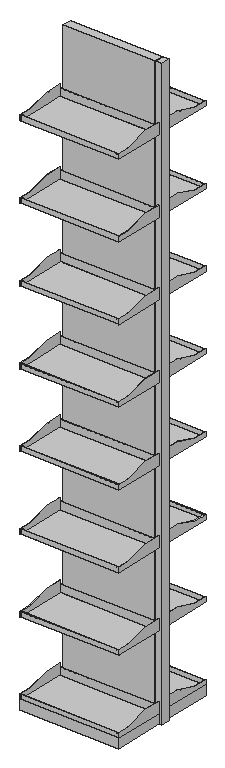
Revit family "RX2", category Specialty Equipment, Revit 2012
Parameters (values of type "Pharmacy Add-On (Default)")
  URL = "http://www.madixinc.com/store/pharmacy/components/index.html"
  Model = "Pharmacy"
  Manufacturer = "© 2012 Madix, Inc. All rights reserved."
  "Front" Base Shelf [instance] = yes
  "Front" 2' Shelf [instance] = yes
  "Front" 3' Shelf [instance] = yes
  "Front" 4' Shelf [instance] = yes
  Shelf Width = 1' - 4"
  "Front" 5' Shelf [instance] = yes
  "Front" 6' Shelf [instance] = yes
  "Front" 7' Shelf [instance] = yes
  "Front" 8' Shelf [instance] = yes
  "Back" Base Shelf [instance] = yes
  "Back" 2' Shelf [instance] = yes
  "Back" 3' Shelf [instance] = yes
  "Back" 4' Shelf [instance] = yes
  "Back" 5' Shelf [instance] = yes
  "Front" Shelf Depth = 0' - 8"
  "Back" 6' Shelf [instance] = yes
  "Back" Shelf Depth = 0' - 8"
  Height = 8' - 0"
  "Back" 7' Shelf [instance] = yes
  "Back" 8' Shelf [instance] = yes
Reference planes (in)
  plane 1 "Center (Front/Back)": y = 0
  plane 2: z = 0
  plane 3 "Center (Left/Right)": x = 0
  plane 4: z = 0
  plane 5: y = 0.75
  plane 6: y = -0.75
  plane 7: y = -8.75
  plane 8: y = 8.75
  plane 9: x = -8
  plane 10: x = 8
  plane 11: x = 7.9375
  plane 12: x = -7.9375
  plane 13: z = 1.5
  plane 14: y = -8.6875
  plane 15: y = -0.8125
  plane 16: y = 0.8125
  plane 17: y = 8.6875
  plane 18: x = -7.46875
  plane 19: x = 8.5
  plane 20: x = -8.5
  plane 21: x = 7.46875
  plane 22: y = -10.25
  plane 23: z = 96
Forms (in)
  Extrusion 1, solid, material "Metal - Steel", visible <- ""Front" Base Shelf"
    sketch origin (18, 0, 0) x (0, 0, 1) y (0, -1, 0)
      loop
        line (0, 8.75) -> (0, 0.75) -> (1.5, 0.75) -> (1.5, 8.75) -> (0, 8.75)
    from -10 to -26
  Extrusion 2, solid, material "Metal - Steel", visible <- ""Back" Base Shelf"
    sketch origin (18, 0, 0) x (0, 0, 1) y (0, -1, 0)
      loop
        line (0, -8.75) -> (1.5, -8.75) -> (1.5, -0.75) -> (0, -0.75) -> (0, -8.75)
    from -10 to -26
  Extrusion 3, solid, material "Metal - Steel", visible <- ""Front" Base Shelf"
    sketch origin (0, 0, 0) x (0, 1, 0) y (0, 0, 1)
      loop
        line (-0.75, 1.5) -> (-0.75, 3.25) -> (-3.25, 3.25) -> (-6.75, 2.25) -> (-8.75, 2.25) -> (-8.75, 1.5) -> (-0.75, 1.5)
    from -8 to -7.9375
  Extrusion 4, solid, material "Metal - Steel", visible <- ""Front" Base Shelf"
    sketch origin (0, 0, 0) x (0, 1, 0) y (0, 0, -1)
      loop
        line (-0.75, -1.5) -> (-8.75, -1.5) -> (-8.75, -2.25) -> (-6.75, -2.25) -> (-3.25, -3.25) -> (-0.75, -3.25) -> (-0.75, -1.5)
    from -8 to -7.9375
  Extrusion 5, solid, material "Metal - Steel", visible <- ""Front" Base Shelf"
    sketch origin (-8.5, -1.375, 84) x (0, 0, -1) y (0, -1, 0)
      loop
        line (81.75, 7.375) -> (81.75, 7.3125) -> (82.4375, 7.3125) -> (82.4375, -0.5625) -> (81.21326, -0.5625) -> (81.21326, -0.625) -> (82.5, -0.625) -> (82.5, 7.375) -> (81.75, 7.375)
    from -16.4375 to -0.5625
  Extrusion 6, solid, material "Metal - Steel", visible <- ""Front" 2' Shelf"
    sketch origin (0, 0, 12) x (0, 1, 0) y (0, 0, 1)
      loop
        line (-0.75, 1.5) -> (-0.75, 3.25) -> (-3.25, 3.25) -> (-6.75, 2.25) -> (-8.75, 2.25) -> (-8.75, 1.5) -> (-0.75, 1.5)
    from -8 to -7.9375
  Extrusion 7, solid, material "Metal - Steel", visible <- ""Front" 2' Shelf"
    sketch origin (0, 0, 12) x (0, 1, 0) y (0, 0, -1)
      loop
        line (-0.75, -1.5) -> (-8.75, -1.5) -> (-8.75, -2.25) -> (-6.75, -2.25) -> (-3.25, -3.25) -> (-0.75, -3.25) -> (-0.75, -1.5)
    from -8 to -7.9375
  Extrusion 8, solid, material "Metal - Steel", visible <- ""Front" 2' Shelf"
    sketch origin (-8.5, -1.375, 96) x (0, 0, -1) y (0, -1, 0)
      loop
        line (81.75, 7.375) -> (81.75, 7.3125) -> (82.4375, 7.3125) -> (82.4375, -0.5625) -> (81.21326, -0.5625) -> (81.21326, -0.625) -> (82.5, -0.625) -> (82.5, 7.375) -> (81.75, 7.375)
    from -16.4375 to -0.5625
  Extrusion 9, solid, material "Metal - Steel", visible <- ""Front" 3' Shelf"
    sketch origin (0, 0, 24) x (0, 1, 0) y (0, 0, 1)
      loop
        line (-0.75, 1.5) -> (-0.75, 3.25) -> (-3.25, 3.25) -> (-6.75, 2.25) -> (-8.75, 2.25) -> (-8.75, 1.5) -> (-0.75, 1.5)
    from -8 to -7.9375
  Extrusion 10, solid, material "Metal - Steel", visible <- ""Front" 3' Shelf"
    sketch origin (0, 0, 24) x (0, 1, 0) y (0, 0, -1)
      loop
        line (-0.75, -1.5) -> (-8.75, -1.5) -> (-8.75, -2.25) -> (-6.75, -2.25) -> (-3.25, -3.25) -> (-0.75, -3.25) -> (-0.75, -1.5)
    from -8 to -7.9375
  Extrusion 11, solid, material "Metal - Steel", visible <- ""Front" 3' Shelf"
    sketch origin (-8.5, -1.375, 108) x (0, 0, -1) y (0, -1, 0)
      loop
        line (81.75, 7.375) -> (81.75, 7.3125) -> (82.4375, 7.3125) -> (82.4375, -0.5625) -> (81.21326, -0.5625) -> (81.21326, -0.625) -> (82.5, -0.625) -> (82.5, 7.375) -> (81.75, 7.375)
    from -16.4375 to -0.5625
  Extrusion 12, solid, material "Metal - Steel", visible <- ""Front" 4' Shelf"
    sketch origin (0, 0, 36) x (0, 1, 0) y (0, 0, 1)
      loop
        line (-0.75, 1.5) -> (-0.75, 3.25) -> (-3.25, 3.25) -> (-6.75, 2.25) -> (-8.75, 2.25) -> (-8.75, 1.5) -> (-0.75, 1.5)
    from -8 to -7.9375
  Extrusion 13, solid, material "Metal - Steel", visible <- ""Front" 4' Shelf"
    sketch origin (0, 0, 36) x (0, 1, 0) y (0, 0, -1)
      loop
        line (-0.75, -1.5) -> (-8.75, -1.5) -> (-8.75, -2.25) -> (-6.75, -2.25) -> (-3.25, -3.25) -> (-0.75, -3.25) -> (-0.75, -1.5)
    from -8 to -7.9375
  Extrusion 14, solid, material "Metal - Steel", visible <- ""Front" 4' Shelf"
    sketch origin (-8.5, -1.375, 120) x (0, 0, -1) y (0, -1, 0)
      loop
        line (81.75, 7.375) -> (81.75, 7.3125) -> (82.4375, 7.3125) -> (82.4375, -0.5625) -> (81.21326, -0.5625) -> (81.21326, -0.625) -> (82.5, -0.625) -> (82.5, 7.375) -> (81.75, 7.375)
    from -16.4375 to -0.5625
  Extrusion 15, solid, material "Metal - Steel", visible <- ""Front" 5' Shelf"
    sketch origin (0, 0, 48) x (0, 1, 0) y (0, 0, 1)
      loop
        line (-0.75, 1.5) -> (-0.75, 3.25) -> (-3.25, 3.25) -> (-6.75, 2.25) -> (-8.75, 2.25) -> (-8.75, 1.5) -> (-0.75, 1.5)
    from -8 to -7.9375
  Extrusion 16, solid, material "Metal - Steel", visible <- ""Front" 5' Shelf"
    sketch origin (0, 0, 48) x (0, 1, 0) y (0, 0, -1)
      loop
        line (-0.75, -1.5) -> (-8.75, -1.5) -> (-8.75, -2.25) -> (-6.75, -2.25) -> (-3.25, -3.25) -> (-0.75, -3.25) -> (-0.75, -1.5)
    from -8 to -7.9375
  Extrusion 17, solid, material "Metal - Steel", visible <- ""Front" 5' Shelf"
    sketch origin (-8.5, -1.375, 132) x (0, 0, -1) y (0, -1, 0)
      loop
        line (81.75, 7.375) -> (81.75, 7.3125) -> (82.4375, 7.3125) -> (82.4375, -0.5625) -> (81.21326, -0.5625) -> (81.21326, -0.625) -> (82.5, -0.625) -> (82.5, 7.375) -> (81.75, 7.375)
    from -16.4375 to -0.5625
  Extrusion 18, solid, material "Metal - Steel", visible <- ""Front" 6' Shelf"
    sketch origin (0, 0, 60) x (0, 1, 0) y (0, 0, 1)
      loop
        line (-0.75, 1.5) -> (-0.75, 3.25) -> (-3.25, 3.25) -> (-6.75, 2.25) -> (-8.75, 2.25) -> (-8.75, 1.5) -> (-0.75, 1.5)
    from -8 to -7.9375
  Extrusion 19, solid, material "Metal - Steel", visible <- ""Front" 6' Shelf"
    sketch origin (0, 0, 60) x (0, 1, 0) y (0, 0, -1)
      loop
        line (-0.75, -1.5) -> (-8.75, -1.5) -> (-8.75, -2.25) -> (-6.75, -2.25) -> (-3.25, -3.25) -> (-0.75, -3.25) -> (-0.75, -1.5)
    from -8 to -7.9375
  Extrusion 20, solid, material "Metal - Steel", visible <- ""Front" 6' Shelf"
    sketch origin (-8.5, -1.375, 144) x (0, 0, -1) y (0, -1, 0)
      loop
        line (81.75, 7.375) -> (81.75, 7.3125) -> (82.4375, 7.3125) -> (82.4375, -0.5625) -> (81.21326, -0.5625) -> (81.21326, -0.625) -> (82.5, -0.625) -> (82.5, 7.375) -> (81.75, 7.375)
    from -16.4375 to -0.5625
  Extrusion 21, solid, material "Metal - Steel", visible <- ""Front" 7' Shelf"
    sketch origin (0, 0, 72) x (0, 1, 0) y (0, 0, 1)
      loop
        line (-0.75, 1.5) -> (-0.75, 3.25) -> (-3.25, 3.25) -> (-6.75, 2.25) -> (-8.75, 2.25) -> (-8.75, 1.5) -> (-0.75, 1.5)
    from -8 to -7.9375
  Extrusion 22, solid, material "Metal - Steel", visible <- ""Front" 7' Shelf"
    sketch origin (0, 0, 72) x (0, 1, 0) y (0, 0, -1)
      loop
        line (-0.75, -1.5) -> (-8.75, -1.5) -> (-8.75, -2.25) -> (-6.75, -2.25) -> (-3.25, -3.25) -> (-0.75, -3.25) -> (-0.75, -1.5)
    from -8 to -7.9375
  Extrusion 23, solid, material "Metal - Steel", visible <- ""Front" 7' Shelf"
    sketch origin (-8.5, -1.375, 156) x (0, 0, -1) y (0, -1, 0)
      loop
        line (81.75, 7.375) -> (81.75, 7.3125) -> (82.4375, 7.3125) -> (82.4375, -0.5625) -> (81.21326, -0.5625) -> (81.21326, -0.625) -> (82.5, -0.625) -> (82.5, 7.375) -> (81.75, 7.375)
    from -16.4375 to -0.5625
  Extrusion 24, solid, material "Metal - Steel", visible <- ""Back" Base Shelf"
    sketch origin (0, 0, 0) x (0, -1, 0) y (0, 0, -1)
      loop
        line (-0.75, -1.5) -> (-8.75, -1.5) -> (-8.75, -2.25) -> (-6.75, -2.25) -> (-3.25, -3.25) -> (-0.75, -3.25) -> (-0.75, -1.5)
    from -8 to -7.9375
  Extrusion 25, solid, material "Metal - Steel", visible <- ""Back" Base Shelf"
    sketch origin (0, 0, 0) x (0, -1, 0) y (0, 0, 1)
      loop
        line (-0.75, 1.5) -> (-0.75, 3.25) -> (-3.25, 3.25) -> (-6.75, 2.25) -> (-8.75, 2.25) -> (-8.75, 1.5) -> (-0.75, 1.5)
    from -8 to -7.9375
  Extrusion 26, solid, material "Metal - Steel", visible <- ""Back" Base Shelf"
    sketch origin (-8.5, 1.375, 84) x (0, 0, -1) y (0, -1, 0)
      loop
        line (81.75, -7.375) -> (82.5, -7.375) -> (82.5, 0.625) -> (81.21326, 0.625) -> (81.21326, 0.5625) -> (82.4375, 0.5625) -> (82.4375, -7.3125) -> (81.75, -7.3125) -> (81.75, -7.375)
    from -16.4375 to -0.5625
  Extrusion 27, solid, material "Metal - Steel", visible <- ""Back" 2' Shelf"
    sketch origin (0, 0, 12) x (0, -1, 0) y (0, 0, -1)
      loop
        line (-0.75, -1.5) -> (-8.75, -1.5) -> (-8.75, -2.25) -> (-6.75, -2.25) -> (-3.25, -3.25) -> (-0.75, -3.25) -> (-0.75, -1.5)
    from -8 to -7.9375
  Extrusion 28, solid, material "Metal - Steel", visible <- ""Back" 2' Shelf"
    sketch origin (0, 0, 12) x (0, -1, 0) y (0, 0, 1)
      loop
        line (-0.75, 1.5) -> (-0.75, 3.25) -> (-3.25, 3.25) -> (-6.75, 2.25) -> (-8.75, 2.25) -> (-8.75, 1.5) -> (-0.75, 1.5)
    from -8 to -7.9375
  Extrusion 29, solid, material "Metal - Steel", visible <- ""Back" 2' Shelf"
    sketch origin (-8.5, 1.375, 96) x (0, 0, -1) y (0, -1, 0)
      loop
        line (81.75, -7.375) -> (82.5, -7.375) -> (82.5, 0.625) -> (81.21326, 0.625) -> (81.21326, 0.5625) -> (82.4375, 0.5625) -> (82.4375, -7.3125) -> (81.75, -7.3125) -> (81.75, -7.375)
    from -16.4375 to -0.5625
  Extrusion 30, solid, material "Metal - Steel", visible <- ""Back" 3' Shelf"
    sketch origin (0, 0, 24) x (0, -1, 0) y (0, 0, -1)
      loop
        line (-0.75, -1.5) -> (-8.75, -1.5) -> (-8.75, -2.25) -> (-6.75, -2.25) -> (-3.25, -3.25) -> (-0.75, -3.25) -> (-0.75, -1.5)
    from -8 to -7.9375
  Extrusion 31, solid, material "Metal - Steel", visible <- ""Back" 3' Shelf"
    sketch origin (0, 0, 24) x (0, -1, 0) y (0, 0, 1)
      loop
        line (-0.75, 1.5) -> (-0.75, 3.25) -> (-3.25, 3.25) -> (-6.75, 2.25) -> (-8.75, 2.25) -> (-8.75, 1.5) -> (-0.75, 1.5)
    from -8 to -7.9375
  Extrusion 32, solid, material "Metal - Steel", visible <- ""Back" 3' Shelf"
    sketch origin (-8.5, 1.375, 108) x (0, 0, -1) y (0, -1, 0)
      loop
        line (81.75, -7.375) -> (82.5, -7.375) -> (82.5, 0.625) -> (81.21326, 0.625) -> (81.21326, 0.5625) -> (82.4375, 0.5625) -> (82.4375, -7.3125) -> (81.75, -7.3125) -> (81.75, -7.375)
    from -16.4375 to -0.5625
  Extrusion 33, solid, material "Metal - Steel", visible <- ""Back" 4' Shelf"
    sketch origin (0, 0, 36) x (0, -1, 0) y (0, 0, -1)
      loop
        line (-0.75, -1.5) -> (-8.75, -1.5) -> (-8.75, -2.25) -> (-6.75, -2.25) -> (-3.25, -3.25) -> (-0.75, -3.25) -> (-0.75, -1.5)
    from -8 to -7.9375
  Extrusion 34, solid, material "Metal - Steel", visible <- ""Back" 4' Shelf"
    sketch origin (0, 0, 36) x (0, -1, 0) y (0, 0, 1)
      loop
        line (-0.75, 1.5) -> (-0.75, 3.25) -> (-3.25, 3.25) -> (-6.75, 2.25) -> (-8.75, 2.25) -> (-8.75, 1.5) -> (-0.75, 1.5)
    from -8 to -7.9375
  Extrusion 35, solid, material "Metal - Steel", visible <- ""Back" 4' Shelf"
    sketch origin (-8.5, 1.375, 120) x (0, 0, -1) y (0, -1, 0)
      loop
        line (81.75, -7.375) -> (82.5, -7.375) -> (82.5, 0.625) -> (81.21326, 0.625) -> (81.21326, 0.5625) -> (82.4375, 0.5625) -> (82.4375, -7.3125) -> (81.75, -7.3125) -> (81.75, -7.375)
    from -16.4375 to -0.5625
  Extrusion 36, solid, material "Metal - Steel", visible <- ""Back" 5' Shelf"
    sketch origin (0, 0, 48) x (0, -1, 0) y (0, 0, -1)
      loop
        line (-0.75, -1.5) -> (-8.75, -1.5) -> (-8.75, -2.25) -> (-6.75, -2.25) -> (-3.25, -3.25) -> (-0.75, -3.25) -> (-0.75, -1.5)
    from -8 to -7.9375
  Extrusion 37, solid, material "Metal - Steel", visible <- ""Back" 5' Shelf"
    sketch origin (0, 0, 48) x (0, -1, 0) y (0, 0, 1)
      loop
        line (-0.75, 1.5) -> (-0.75, 3.25) -> (-3.25, 3.25) -> (-6.75, 2.25) -> (-8.75, 2.25) -> (-8.75, 1.5) -> (-0.75, 1.5)
    from -8 to -7.9375
  Extrusion 38, solid, material "Metal - Steel", visible <- ""Back" 5' Shelf"
    sketch origin (-8.5, 1.375, 132) x (0, 0, -1) y (0, -1, 0)
      loop
        line (81.75, -7.375) -> (82.5, -7.375) -> (82.5, 0.625) -> (81.21326, 0.625) -> (81.21326, 0.5625) -> (82.4375, 0.5625) -> (82.4375, -7.3125) -> (81.75, -7.3125) -> (81.75, -7.375)
    from -16.4375 to -0.5625
  Extrusion 39, solid, material "Metal - Steel", visible <- ""Back" 6' Shelf"
    sketch origin (0, 0, 60) x (0, -1, 0) y (0, 0, -1)
      loop
        line (-0.75, -1.5) -> (-8.75, -1.5) -> (-8.75, -2.25) -> (-6.75, -2.25) -> (-3.25, -3.25) -> (-0.75, -3.25) -> (-0.75, -1.5)
    from -8 to -7.9375
  Extrusion 40, solid, material "Metal - Steel", visible <- ""Back" 6' Shelf"
    sketch origin (0, 0, 60) x (0, -1, 0) y (0, 0, 1)
      loop
        line (-0.75, 1.5) -> (-0.75, 3.25) -> (-3.25, 3.25) -> (-6.75, 2.25) -> (-8.75, 2.25) -> (-8.75, 1.5) -> (-0.75, 1.5)
    from -8 to -7.9375
  Extrusion 41, solid, material "Metal - Steel", visible <- ""Back" 6' Shelf"
    sketch origin (-8.5, 1.375, 144) x (0, 0, -1) y (0, -1, 0)
      loop
        line (81.75, -7.375) -> (82.5, -7.375) -> (82.5, 0.625) -> (81.21326, 0.625) -> (81.21326, 0.5625) -> (82.4375, 0.5625) -> (82.4375, -7.3125) -> (81.75, -7.3125) -> (81.75, -7.375)
    from -16.4375 to -0.5625
  Extrusion 42, solid, material "Metal - Steel", visible <- ""Back" 7' Shelf"
    sketch origin (0, 0, 72) x (0, -1, 0) y (0, 0, -1)
      loop
        line (-0.75, -1.5) -> (-8.75, -1.5) -> (-8.75, -2.25) -> (-6.75, -2.25) -> (-3.25, -3.25) -> (-0.75, -3.25) -> (-0.75, -1.5)
    from -8 to -7.9375
  Extrusion 43, solid, material "Metal - Steel", visible <- ""Back" 7' Shelf"
    sketch origin (0, 0, 72) x (0, -1, 0) y (0, 0, 1)
      loop
        line (-0.75, 1.5) -> (-0.75, 3.25) -> (-3.25, 3.25) -> (-6.75, 2.25) -> (-8.75, 2.25) -> (-8.75, 1.5) -> (-0.75, 1.5)
    from -8 to -7.9375
  Extrusion 44, solid, material "Metal - Steel", visible <- ""Back" 7' Shelf"
    sketch origin (-8.5, 1.375, 156) x (0, 0, -1) y (0, -1, 0)
      loop
        line (81.75, -7.375) -> (82.5, -7.375) -> (82.5, 0.625) -> (81.21326, 0.625) -> (81.21326, 0.5625) -> (82.4375, 0.5625) -> (82.4375, -7.3125) -> (81.75, -7.3125) -> (81.75, -7.375)
    from -16.4375 to -0.5625
  Extrusion 45, solid, material "Metal - Steel", visible <- ""Front" 8' Shelf"
    sketch origin (0, 0, 84) x (0, 1, 0) y (0, 0, 1)
      loop
        line (-0.75, 1.5) -> (-0.75, 3.25) -> (-3.25, 3.25) -> (-6.75, 2.25) -> (-8.75, 2.25) -> (-8.75, 1.5) -> (-0.75, 1.5)
    from -8 to -7.9375
  Extrusion 46, solid, material "Metal - Steel", visible <- ""Front" 8' Shelf"
    sketch origin (0, 0, 84) x (0, 1, 0) y (0, 0, -1)
      loop
        line (-0.75, -1.5) -> (-8.75, -1.5) -> (-8.75, -2.25) -> (-6.75, -2.25) -> (-3.25, -3.25) -> (-0.75, -3.25) -> (-0.75, -1.5)
    from -8 to -7.9375
  Extrusion 47, solid, material "Metal - Steel", visible <- ""Front" 8' Shelf"
    sketch origin (-8.5, -1.375, 168) x (0, 0, -1) y (0, -1, 0)
      loop
        line (81.75, 7.375) -> (81.75, 7.3125) -> (82.4375, 7.3125) -> (82.4375, -0.5625) -> (81.21326, -0.5625) -> (81.21326, -0.625) -> (82.5, -0.625) -> (82.5, 7.375) -> (81.75, 7.375)
    from -16.4375 to -0.5625
  Extrusion 48, solid, material "Metal - Steel", visible <- ""Back" 8' Shelf"
    sketch origin (0, 0, 84) x (0, -1, 0) y (0, 0, -1)
      loop
        line (-0.75, -1.5) -> (-8.75, -1.5) -> (-8.75, -2.25) -> (-6.75, -2.25) -> (-3.25, -3.25) -> (-0.75, -3.25) -> (-0.75, -1.5)
    from -8 to -7.9375
  Extrusion 49, solid, material "Metal - Steel", visible <- ""Back" 8' Shelf"
    sketch origin (0, 0, 84) x (0, -1, 0) y (0, 0, 1)
      loop
        line (-0.75, 1.5) -> (-0.75, 3.25) -> (-3.25, 3.25) -> (-6.75, 2.25) -> (-8.75, 2.25) -> (-8.75, 1.5) -> (-0.75, 1.5)
    from -8 to -7.9375
  Extrusion 50, solid, material "Metal - Steel", visible <- ""Back" 8' Shelf"
    sketch origin (-8.5, 1.375, 168) x (0, 0, -1) y (0, -1, 0)
      loop
        line (81.75, -7.375) -> (82.5, -7.375) -> (82.5, 0.625) -> (81.21326, 0.625) -> (81.21326, 0.5625) -> (82.4375, 0.5625) -> (82.4375, -7.3125) -> (81.75, -7.3125) -> (81.75, -7.375)
    from -16.4375 to -0.5625
  Extrusion 51, solid, material "Metal - Steel"
    sketch origin (-6, -1.375, 84) x (-1, 0, 0) y (0, -1, 0)
      loop
        line (1.46875, -0.625) -> (-13.46875, -0.625) -> (-13.46875, -2.125) -> (1.46875, -2.125) -> (1.46875, -0.625)
      loop
        line (-14.5, -2.125) -> (-13.5, -2.125) -> (-13.5, -0.625) -> (-14.5, -0.625) -> (-14.5, -2.125)
    from -84 to 12
Cuts and joins
  joined: Extrusion 3, Extrusion 4, Extrusion 5
Dimensions and locks (in)
  ""Back" Shelf Depth": plane 8 to plane 5
  ""Front" Shelf Depth": plane 7 to plane 6
  equal spacing: plane 9, plane 3 "Center (Left/Right)", plane 10
  "Shelf Width": plane 9 to plane 10
  locked: plane 9 to plane 12 at 0.0625
  locked: plane 11 to plane 10 at 0.0625
  locked: plane 7 to plane 14 at 0.0625
  locked: plane 6 to plane 15 at 0.0625
  locked: plane 5 to plane 16 at 0.0625
  locked: plane 8 to plane 17 at 0.0625
  locked: plane 20 to plane 18 at 1.03125
  locked: plane 21 to plane 19 at 1.03125
  locked: plane 10 to plane 19 at 0.5
  "Height": plane 23 to level
  aligned and locked: level to plane 2
  aligned and locked: plane 8 to Extrusion 2
  aligned and locked: Extrusion 1 to Extrusion 2
  aligned and locked: plane 9 to Extrusion 2
  aligned and locked: plane 10 to Extrusion 2
  aligned and locked: Extrusion 2 to Extrusion 1
  aligned and locked: Extrusion 5 to Extrusion 4
  aligned and locked: Extrusion 5 to Extrusion 3
  aligned and locked: Extrusion 1 to Extrusion 3
  aligned and locked: Extrusion 1 to Extrusion 4
  aligned and locked: plane 9 to Extrusion 3
  aligned and locked: Extrusion 4 to plane 10
  aligned and locked: Extrusion 4 to plane 11
  aligned and locked: plane 12 to Extrusion 3
  aligned and locked: Extrusion 7 to Extrusion 1
  aligned and locked: Extrusion 7 to plane 11
  aligned and locked: Extrusion 6 to Extrusion 1
  aligned and locked: plane 12 to Extrusion 6
  aligned and locked: Extrusion 10 to Extrusion 1
  aligned and locked: Extrusion 10 to plane 11
  aligned and locked: Extrusion 9 to Extrusion 1
  aligned and locked: plane 12 to Extrusion 9
  aligned and locked: Extrusion 13 to plane 11
  aligned and locked: Extrusion 13 to Extrusion 1
  aligned and locked: plane 12 to Extrusion 12
  aligned and locked: Extrusion 12 to Extrusion 1
  aligned and locked: plane 12 to Extrusion 15
  aligned and locked: Extrusion 15 to Extrusion 1
  aligned and locked: Extrusion 16 to plane 11
  aligned and locked: Extrusion 16 to Extrusion 1
  aligned and locked: Extrusion 20 to Extrusion 19
  aligned and locked: Extrusion 20 to Extrusion 18
  aligned and locked: Extrusion 18 to Extrusion 1
  aligned and locked: plane 12 to Extrusion 18
  aligned and locked: Extrusion 19 to Extrusion 1
  aligned and locked: Extrusion 19 to plane 11
  aligned and locked: Extrusion 21 to Extrusion 1
  aligned and locked: plane 12 to Extrusion 21
  aligned and locked: Extrusion 22 to Extrusion 1
  aligned and locked: Extrusion 22 to plane 11
  aligned and locked: Extrusion 25 to Extrusion 26
  aligned and locked: Extrusion 24 to Extrusion 26
  aligned and locked: Extrusion 25 to plane 11
  aligned and locked: Extrusion 25 to Extrusion 2
  aligned and locked: plane 12 to Extrusion 24
  aligned and locked: Extrusion 24 to Extrusion 2
  aligned and locked: Extrusion 28 to Extrusion 29
  aligned and locked: Extrusion 27 to Extrusion 29
  aligned and locked: plane 12 to Extrusion 27
  aligned and locked: Extrusion 27 to Extrusion 2
  aligned and locked: Extrusion 28 to plane 11
  aligned and locked: Extrusion 28 to Extrusion 2
  aligned and locked: Extrusion 31 to Extrusion 32
  aligned and locked: Extrusion 30 to Extrusion 32
  aligned and locked: Extrusion 30 to Extrusion 2
  aligned and locked: plane 12 to Extrusion 30
  aligned and locked: Extrusion 31 to Extrusion 2
  aligned and locked: Extrusion 31 to plane 11
  aligned and locked: plane 12 to Extrusion 33
  aligned and locked: Extrusion 33 to Extrusion 1
  aligned and locked: Extrusion 34 to plane 11
  aligned and locked: Extrusion 34 to Extrusion 2
  aligned and locked: Extrusion 36 to Extrusion 2
  aligned and locked: plane 12 to Extrusion 36
  aligned and locked: Extrusion 37 to Extrusion 2
  aligned and locked: Extrusion 37 to plane 11
  aligned and locked: plane 12 to Extrusion 39
  aligned and locked: Extrusion 39 to Extrusion 2
  aligned and locked: Extrusion 40 to plane 11
  aligned and locked: Extrusion 40 to Extrusion 2
  aligned and locked: Extrusion 42 to Extrusion 2
  aligned and locked: plane 12 to Extrusion 42
  aligned and locked: Extrusion 43 to Extrusion 2
  aligned and locked: Extrusion 43 to plane 11
  aligned and locked: plane 14 to cut or joined group of Extrusion 3, Extrusion 4, Extrusion 5
  aligned and locked: plane 15 to cut or joined group of Extrusion 3, Extrusion 4, Extrusion 5
  aligned and locked: cut or joined group of Extrusion 3, Extrusion 4, Extrusion 5 to Extrusion 23  (x2)
  aligned and locked: Extrusion 1 to Extrusion 23
  aligned and locked: cut or joined group of Extrusion 3, Extrusion 4, Extrusion 5 to Extrusion 14
  aligned and locked: Extrusion 1 to Extrusion 14
  aligned and locked: cut or joined group of Extrusion 3, Extrusion 4, Extrusion 5 to Extrusion 11
  aligned and locked: cut or joined group of Extrusion 3, Extrusion 4, Extrusion 5 to Extrusion 8
  aligned and locked: cut or joined group of Extrusion 3, Extrusion 4, Extrusion 5 to Extrusion 17  (x2)
  aligned and locked: Extrusion 1 to Extrusion 17
  aligned and locked: Extrusion 8 to cut or joined group of Extrusion 3, Extrusion 4, Extrusion 5
  aligned and locked: Extrusion 1 to Extrusion 8
  aligned and locked: Extrusion 20 to cut or joined group of Extrusion 3, Extrusion 4, Extrusion 5  (x2)
  aligned and locked: Extrusion 44 to plane 17
  aligned and locked: Extrusion 26 to Extrusion 44
  aligned and locked: Extrusion 29 to Extrusion 44
  aligned and locked: Extrusion 41 to Extrusion 44
  aligned and locked: Extrusion 41 to Extrusion 38
  aligned and locked: Extrusion 32 to Extrusion 44
  aligned and locked: Extrusion 35 to Extrusion 38
  aligned and locked: Extrusion 26 to Extrusion 35
  aligned and locked: Extrusion 32 to Extrusion 35
  aligned and locked: Extrusion 2 to Extrusion 32
  aligned and locked: Extrusion 29 to Extrusion 38
  aligned and locked: Extrusion 29 to Extrusion 32
  aligned and locked: Extrusion 2 to Extrusion 29
  aligned and locked: Extrusion 26 to Extrusion 29
  aligned and locked: Extrusion 2 to Extrusion 26
  aligned and locked: plane 11 to Extrusion 44
  aligned and locked: plane 11 to Extrusion 41
  aligned and locked: plane 11 to Extrusion 38
  aligned and locked: plane 11 to Extrusion 35
  aligned and locked: Extrusion 35 to plane 12
  aligned and locked: Extrusion 44 to plane 12
  aligned and locked: Extrusion 41 to plane 12
  aligned and locked: Extrusion 38 to plane 12
  aligned and locked: Extrusion 23 to plane 12
  aligned and locked: Extrusion 17 to plane 12
  aligned and locked: Extrusion 14 to plane 12
  aligned and locked: Extrusion 11 to plane 12
  aligned and locked: Extrusion 8 to plane 12
  aligned and locked: plane 11 to Extrusion 8
  aligned and locked: plane 11 to Extrusion 23
  aligned and locked: plane 11 to Extrusion 17
  aligned and locked: plane 11 to Extrusion 14
  aligned and locked: plane 11 to Extrusion 11
  aligned and locked: plane 23 to Extrusion 51
Automatic sketch dimensions
  Extrusion 1 sketch curve to level = 0' - 0"
  Extrusion 1 sketch curve to plane 6 = 0' - 0"
  Extrusion 1 sketch curve to plane 13 = 0' - 0"
  Extrusion 1 sketch curve to plane 7 = 0' - 0"
  Extrusion 2 sketch curve to level = 0' - 0"
  Extrusion 2 sketch curve to plane 5 = 0' - 0"
  Extrusion 2 sketch curve to plane 13 = 0' - 0"
  Extrusion 2 sketch curve to plane 8 = 0' - 0"
  Extrusion 3 sketch curve to plane 7 = 0' - 0"
  Extrusion 3 sketch curve to plane 6 = 0' - 0"
  Extrusion 3 sketch curve to plane 13 = 0' - 0"
  plane 13 to Extrusion 3 sketch curve = 0' - 0 3/4"
  Extrusion 3 sketch curve to plane 14 = 0' - 1 15/16"
  Extrusion 3 sketch curve to plane 15 = 0' - 2 7/16"
  plane 13 to Extrusion 3 sketch curve = 0' - 1 3/4"
  Extrusion 4 sketch curve to plane 7 = 0' - 0"
  Extrusion 4 sketch curve to plane 6 = 0' - 0"
  Extrusion 4 sketch curve to plane 13 = 0' - 0"
  plane 13 to Extrusion 4 sketch curve = 0' - 0 3/4"
  Extrusion 4 sketch curve to plane 14 = 0' - 1 15/16"
  Extrusion 4 sketch curve to plane 15 = 0' - 2 7/16"
  plane 13 to Extrusion 4 sketch curve = 0' - 1 3/4"
  Extrusion 5 sketch curve to plane 15 = 0' - 0"
  Extrusion 5 sketch curve to plane 6 = 0' - 0"
  Extrusion 5 sketch curve to plane 7 = 0' - 0"
  Extrusion 5 sketch curve to plane 14 = 0' - 0"
  Extrusion 5 sketch curve to plane 13 = 0' - 0"
  plane 13 to Extrusion 5 sketch curve = 0' - 0 1/16"
  Extrusion 5 sketch curve to Extrusion 5 sketch curve = 0' - 0 11/16"
  Extrusion 5 sketch curve to Extrusion 5 sketch curve = 0' - 1.22424"
  Extrusion 6 sketch curve to plane 7 = 0' - 0"
  Extrusion 6 sketch curve to plane 6 = 0' - 0"
  Extrusion 6 sketch curve to plane 14 = 0' - 1 15/16"
  Extrusion 6 sketch curve to plane 15 = 0' - 2 7/16"
  plane 13 to Extrusion 6 sketch curve = 1' - 0"
  Extrusion 6 sketch curve to Extrusion 6 sketch curve = 0' - 0 3/4"
  Extrusion 6 sketch curve to Extrusion 6 sketch curve = 0' - 1 3/4"
  Extrusion 7 sketch curve to plane 7 = 0' - 0"
  Extrusion 7 sketch curve to plane 6 = 0' - 0"
  Extrusion 7 sketch curve to plane 14 = 0' - 1 15/16"
  Extrusion 7 sketch curve to plane 15 = 0' - 2 7/16"
  plane 13 to Extrusion 7 sketch curve = 1' - 1 3/4"
  Extrusion 7 sketch curve to Extrusion 7 sketch curve = 0' - 1"
  Extrusion 7 sketch curve to Extrusion 7 sketch curve = 0' - 1 3/4"
  Extrusion 8 sketch curve to plane 15 = 0' - 0"
  Extrusion 8 sketch curve to plane 6 = 0' - 0"
  Extrusion 8 sketch curve to plane 7 = 0' - 0"
  Extrusion 8 sketch curve to plane 14 = 0' - 0"
  plane 13 to Extrusion 8 sketch curve = 1' - 1.28674"
  Extrusion 8 sketch curve to Extrusion 8 sketch curve = 0' - 0.53674"
  Extrusion 8 sketch curve to Extrusion 8 sketch curve = 0' - 0 11/16"
  Extrusion 8 sketch curve to Extrusion 8 sketch curve = 0' - 0 1/16"
  Extrusion 9 sketch curve to plane 7 = 0' - 0"
  Extrusion 9 sketch curve to plane 6 = 0' - 0"
  Extrusion 9 sketch curve to plane 14 = 0' - 1 15/16"
  Extrusion 9 sketch curve to plane 15 = 0' - 2 7/16"
  plane 13 to Extrusion 9 sketch curve = 2' - 0"
  Extrusion 9 sketch curve to Extrusion 9 sketch curve = 0' - 0 3/4"
  Extrusion 9 sketch curve to Extrusion 9 sketch curve = 0' - 1 3/4"
  Extrusion 10 sketch curve to plane 7 = 0' - 0"
  Extrusion 10 sketch curve to plane 6 = 0' - 0"
  Extrusion 10 sketch curve to plane 14 = 0' - 1 15/16"
  Extrusion 10 sketch curve to plane 15 = 0' - 2 7/16"
  plane 13 to Extrusion 10 sketch curve = 2' - 1 3/4"
  Extrusion 10 sketch curve to Extrusion 10 sketch curve = 0' - 1"
  Extrusion 10 sketch curve to Extrusion 10 sketch curve = 0' - 1 3/4"
  Extrusion 11 sketch curve to plane 15 = 0' - 0"
  Extrusion 11 sketch curve to plane 6 = 0' - 0"
  Extrusion 11 sketch curve to plane 7 = 0' - 0"
  Extrusion 11 sketch curve to plane 14 = 0' - 0"
  plane 13 to Extrusion 11 sketch curve = 2' - 1.28674"
  Extrusion 11 sketch curve to Extrusion 11 sketch curve = 0' - 0.53674"
  Extrusion 11 sketch curve to Extrusion 11 sketch curve = 0' - 0 11/16"
  Extrusion 11 sketch curve to Extrusion 11 sketch curve = 0' - 0 1/16"
  Extrusion 12 sketch curve to plane 7 = 0' - 0"
  Extrusion 12 sketch curve to plane 6 = 0' - 0"
  Extrusion 12 sketch curve to plane 14 = 0' - 1 15/16"
  Extrusion 12 sketch curve to plane 15 = 0' - 2 7/16"
  plane 13 to Extrusion 12 sketch curve = 3' - 0"
  Extrusion 12 sketch curve to Extrusion 12 sketch curve = 0' - 0 3/4"
  Extrusion 12 sketch curve to Extrusion 12 sketch curve = 0' - 1 3/4"
  Extrusion 13 sketch curve to plane 7 = 0' - 0"
  Extrusion 13 sketch curve to plane 6 = 0' - 0"
  Extrusion 13 sketch curve to plane 14 = 0' - 1 15/16"
  Extrusion 13 sketch curve to plane 15 = 0' - 2 7/16"
  plane 13 to Extrusion 13 sketch curve = 3' - 1 3/4"
  Extrusion 13 sketch curve to Extrusion 13 sketch curve = 0' - 1"
  Extrusion 13 sketch curve to Extrusion 13 sketch curve = 0' - 1 3/4"
  Extrusion 14 sketch curve to plane 15 = 0' - 0"
  Extrusion 14 sketch curve to plane 6 = 0' - 0"
  Extrusion 14 sketch curve to plane 7 = 0' - 0"
  Extrusion 14 sketch curve to plane 14 = 0' - 0"
  plane 13 to Extrusion 14 sketch curve = 3' - 1.28674"
  Extrusion 14 sketch curve to Extrusion 14 sketch curve = 0' - 0.53674"
  Extrusion 14 sketch curve to Extrusion 14 sketch curve = 0' - 0 11/16"
  Extrusion 14 sketch curve to Extrusion 14 sketch curve = 0' - 0 1/16"
  Extrusion 15 sketch curve to plane 7 = 0' - 0"
  Extrusion 15 sketch curve to plane 6 = 0' - 0"
  Extrusion 15 sketch curve to plane 14 = 0' - 1 15/16"
  Extrusion 15 sketch curve to plane 15 = 0' - 2 7/16"
  plane 13 to Extrusion 15 sketch curve = 4' - 0"
  Extrusion 15 sketch curve to Extrusion 15 sketch curve = 0' - 0 3/4"
  Extrusion 15 sketch curve to Extrusion 15 sketch curve = 0' - 1 3/4"
  Extrusion 16 sketch curve to plane 7 = 0' - 0"
  Extrusion 16 sketch curve to plane 6 = 0' - 0"
  Extrusion 16 sketch curve to plane 14 = 0' - 1 15/16"
  Extrusion 16 sketch curve to plane 15 = 0' - 2 7/16"
  plane 13 to Extrusion 16 sketch curve = 4' - 1 3/4"
  Extrusion 16 sketch curve to Extrusion 16 sketch curve = 0' - 1"
  Extrusion 16 sketch curve to Extrusion 16 sketch curve = 0' - 1 3/4"
  Extrusion 17 sketch curve to plane 15 = 0' - 0"
  Extrusion 17 sketch curve to plane 6 = 0' - 0"
  Extrusion 17 sketch curve to plane 7 = 0' - 0"
  Extrusion 17 sketch curve to plane 14 = 0' - 0"
  plane 13 to Extrusion 17 sketch curve = 4' - 1.28674"
  Extrusion 17 sketch curve to Extrusion 17 sketch curve = 0' - 0.53674"
  Extrusion 17 sketch curve to Extrusion 17 sketch curve = 0' - 0 11/16"
  Extrusion 17 sketch curve to Extrusion 17 sketch curve = 0' - 0 1/16"
  Extrusion 18 sketch curve to plane 7 = 0' - 0"
  Extrusion 18 sketch curve to plane 6 = 0' - 0"
  Extrusion 18 sketch curve to plane 14 = 0' - 1 15/16"
  Extrusion 18 sketch curve to plane 15 = 0' - 2 7/16"
  plane 13 to Extrusion 18 sketch curve = 5' - 0"
  Extrusion 18 sketch curve to Extrusion 18 sketch curve = 0' - 0 3/4"
  Extrusion 18 sketch curve to Extrusion 18 sketch curve = 0' - 1 3/4"
  Extrusion 19 sketch curve to plane 7 = 0' - 0"
  Extrusion 19 sketch curve to plane 6 = 0' - 0"
  Extrusion 19 sketch curve to plane 14 = 0' - 1 15/16"
  Extrusion 19 sketch curve to plane 15 = 0' - 2 7/16"
  plane 13 to Extrusion 19 sketch curve = 5' - 1 3/4"
  Extrusion 19 sketch curve to Extrusion 19 sketch curve = 0' - 1"
  Extrusion 19 sketch curve to Extrusion 19 sketch curve = 0' - 1 3/4"
  Extrusion 20 sketch curve to plane 15 = 0' - 0"
  Extrusion 20 sketch curve to plane 6 = 0' - 0"
  Extrusion 20 sketch curve to plane 7 = 0' - 0"
  Extrusion 20 sketch curve to plane 14 = 0' - 0"
  plane 13 to Extrusion 20 sketch curve = 5' - 1.28674"
  Extrusion 20 sketch curve to Extrusion 20 sketch curve = 0' - 0.53674"
  Extrusion 20 sketch curve to Extrusion 20 sketch curve = 0' - 0 11/16"
  Extrusion 20 sketch curve to Extrusion 20 sketch curve = 0' - 0 1/16"
  Extrusion 21 sketch curve to plane 7 = 0' - 0"
  Extrusion 21 sketch curve to plane 6 = 0' - 0"
  Extrusion 21 sketch curve to plane 14 = 0' - 1 15/16"
  Extrusion 21 sketch curve to plane 15 = 0' - 2 7/16"
  plane 13 to Extrusion 21 sketch curve = 6' - 0"
  Extrusion 21 sketch curve to Extrusion 21 sketch curve = 0' - 0 3/4"
  Extrusion 21 sketch curve to Extrusion 21 sketch curve = 0' - 1 3/4"
  Extrusion 22 sketch curve to plane 7 = 0' - 0"
  Extrusion 22 sketch curve to plane 6 = 0' - 0"
  Extrusion 22 sketch curve to plane 14 = 0' - 1 15/16"
  Extrusion 22 sketch curve to plane 15 = 0' - 2 7/16"
  plane 13 to Extrusion 22 sketch curve = 6' - 1 3/4"
  Extrusion 22 sketch curve to Extrusion 22 sketch curve = 0' - 1"
  Extrusion 22 sketch curve to Extrusion 22 sketch curve = 0' - 1 3/4"
  Extrusion 23 sketch curve to plane 15 = 0' - 0"
  Extrusion 23 sketch curve to plane 6 = 0' - 0"
  Extrusion 23 sketch curve to plane 7 = 0' - 0"
  Extrusion 23 sketch curve to plane 14 = 0' - 0"
  plane 13 to Extrusion 23 sketch curve = 6' - 1.28674"
  Extrusion 23 sketch curve to Extrusion 23 sketch curve = 0' - 0.53674"
  Extrusion 23 sketch curve to Extrusion 23 sketch curve = 0' - 0 11/16"
  Extrusion 23 sketch curve to Extrusion 23 sketch curve = 0' - 0 1/16"
  Extrusion 24 sketch curve to plane 8 = 0' - 0"
  Extrusion 24 sketch curve to plane 5 = 0' - 0"
  Extrusion 24 sketch curve to plane 13 = 0' - 0"
  Extrusion 24 sketch curve to plane 13 = 0' - 0 3/4"
  plane 17 to Extrusion 24 sketch curve = 0' - 1 15/16"
  plane 16 to Extrusion 24 sketch curve = 0' - 2 7/16"
  Extrusion 24 sketch curve to plane 13 = 0' - 1 3/4"
  Extrusion 25 sketch curve to plane 8 = 0' - 0"
  Extrusion 25 sketch curve to plane 5 = 0' - 0"
  Extrusion 25 sketch curve to plane 13 = 0' - 0"
  plane 13 to Extrusion 25 sketch curve = 0' - 0 3/4"
  Extrusion 25 sketch curve to plane 17 = 0' - 1 15/16"
  Extrusion 25 sketch curve to plane 16 = 0' - 2 7/16"
  plane 13 to Extrusion 25 sketch curve = 0' - 1 3/4"
  Extrusion 26 sketch curve to plane 16 = 0' - 0"
  Extrusion 26 sketch curve to plane 5 = 0' - 0"
  Extrusion 26 sketch curve to plane 8 = 0' - 0"
  Extrusion 26 sketch curve to plane 17 = 0' - 0"
  Extrusion 26 sketch curve to plane 13 = 0' - 0"
  plane 13 to Extrusion 26 sketch curve = 0' - 0 1/16"
  Extrusion 26 sketch curve to Extrusion 26 sketch curve = 0' - 0 11/16"
  Extrusion 26 sketch curve to Extrusion 26 sketch curve = 0' - 1.22424"
  Extrusion 27 sketch curve to plane 8 = 0' - 0"
  Extrusion 27 sketch curve to plane 5 = 0' - 0"
  plane 17 to Extrusion 27 sketch curve = 0' - 1 15/16"
  plane 16 to Extrusion 27 sketch curve = 0' - 2 7/16"
  Extrusion 27 sketch curve to plane 13 = 1' - 0"
  Extrusion 27 sketch curve to Extrusion 27 sketch curve = 0' - 0 3/4"
  Extrusion 27 sketch curve to Extrusion 27 sketch curve = 0' - 1 3/4"
  Extrusion 28 sketch curve to plane 8 = 0' - 0"
  Extrusion 28 sketch curve to plane 5 = 0' - 0"
  Extrusion 28 sketch curve to plane 17 = 0' - 1 15/16"
  Extrusion 28 sketch curve to plane 16 = 0' - 2 7/16"
  plane 13 to Extrusion 28 sketch curve = 1' - 0"
  Extrusion 28 sketch curve to Extrusion 28 sketch curve = 0' - 0 3/4"
  Extrusion 28 sketch curve to Extrusion 28 sketch curve = 0' - 1 3/4"
  Extrusion 29 sketch curve to plane 16 = 0' - 0"
  Extrusion 29 sketch curve to plane 5 = 0' - 0"
  Extrusion 29 sketch curve to plane 8 = 0' - 0"
  Extrusion 29 sketch curve to plane 17 = 0' - 0"
  plane 13 to Extrusion 29 sketch curve = 1' - 1.28674"
  Extrusion 29 sketch curve to Extrusion 29 sketch curve = 0' - 0.53674"
  Extrusion 29 sketch curve to Extrusion 29 sketch curve = 0' - 0 11/16"
  Extrusion 29 sketch curve to Extrusion 29 sketch curve = 0' - 0 1/16"
  Extrusion 30 sketch curve to plane 8 = 0' - 0"
  Extrusion 30 sketch curve to plane 5 = 0' - 0"
  plane 17 to Extrusion 30 sketch curve = 0' - 1 15/16"
  plane 16 to Extrusion 30 sketch curve = 0' - 2 7/16"
  Extrusion 30 sketch curve to plane 13 = 2' - 0"
  Extrusion 30 sketch curve to Extrusion 30 sketch curve = 0' - 0 3/4"
  Extrusion 30 sketch curve to Extrusion 30 sketch curve = 0' - 1 3/4"
  Extrusion 31 sketch curve to plane 8 = 0' - 0"
  Extrusion 31 sketch curve to plane 5 = 0' - 0"
  Extrusion 31 sketch curve to plane 17 = 0' - 1 15/16"
  Extrusion 31 sketch curve to plane 16 = 0' - 2 7/16"
  plane 13 to Extrusion 31 sketch curve = 2' - 0"
  Extrusion 31 sketch curve to Extrusion 31 sketch curve = 0' - 0 3/4"
  Extrusion 31 sketch curve to Extrusion 31 sketch curve = 0' - 1 3/4"
  Extrusion 32 sketch curve to plane 16 = 0' - 0"
  Extrusion 32 sketch curve to plane 5 = 0' - 0"
  Extrusion 32 sketch curve to plane 8 = 0' - 0"
  Extrusion 32 sketch curve to plane 17 = 0' - 0"
  plane 13 to Extrusion 32 sketch curve = 2' - 1.28674"
  Extrusion 32 sketch curve to Extrusion 32 sketch curve = 0' - 0.53674"
  Extrusion 32 sketch curve to Extrusion 32 sketch curve = 0' - 0 11/16"
  Extrusion 32 sketch curve to Extrusion 32 sketch curve = 0' - 0 1/16"
  Extrusion 33 sketch curve to plane 8 = 0' - 0"
  Extrusion 33 sketch curve to plane 5 = 0' - 0"
  plane 17 to Extrusion 33 sketch curve = 0' - 1 15/16"
  plane 16 to Extrusion 33 sketch curve = 0' - 2 7/16"
  Extrusion 33 sketch curve to plane 13 = 3' - 0"
  Extrusion 33 sketch curve to Extrusion 33 sketch curve = 0' - 0 3/4"
  Extrusion 33 sketch curve to Extrusion 33 sketch curve = 0' - 1 3/4"
  Extrusion 34 sketch curve to plane 8 = 0' - 0"
  Extrusion 34 sketch curve to plane 5 = 0' - 0"
  Extrusion 34 sketch curve to plane 17 = 0' - 1 15/16"
  Extrusion 34 sketch curve to plane 16 = 0' - 2 7/16"
  plane 13 to Extrusion 34 sketch curve = 3' - 0"
  Extrusion 34 sketch curve to Extrusion 34 sketch curve = 0' - 0 3/4"
  Extrusion 34 sketch curve to Extrusion 34 sketch curve = 0' - 1 3/4"
  Extrusion 35 sketch curve to plane 16 = 0' - 0"
  Extrusion 35 sketch curve to plane 5 = 0' - 0"
  Extrusion 35 sketch curve to plane 8 = 0' - 0"
  Extrusion 35 sketch curve to plane 17 = 0' - 0"
  plane 13 to Extrusion 35 sketch curve = 3' - 1.28674"
  Extrusion 35 sketch curve to Extrusion 35 sketch curve = 0' - 0.53674"
  Extrusion 35 sketch curve to Extrusion 35 sketch curve = 0' - 0 11/16"
  Extrusion 35 sketch curve to Extrusion 35 sketch curve = 0' - 0 1/16"
  Extrusion 36 sketch curve to plane 8 = 0' - 0"
  Extrusion 36 sketch curve to plane 5 = 0' - 0"
  plane 17 to Extrusion 36 sketch curve = 0' - 1 15/16"
  plane 16 to Extrusion 36 sketch curve = 0' - 2 7/16"
  Extrusion 36 sketch curve to plane 13 = 4' - 0"
  Extrusion 36 sketch curve to Extrusion 36 sketch curve = 0' - 0 3/4"
  Extrusion 36 sketch curve to Extrusion 36 sketch curve = 0' - 1 3/4"
  Extrusion 37 sketch curve to plane 8 = 0' - 0"
  Extrusion 37 sketch curve to plane 5 = 0' - 0"
  Extrusion 37 sketch curve to plane 17 = 0' - 1 15/16"
  Extrusion 37 sketch curve to plane 16 = 0' - 2 7/16"
  plane 13 to Extrusion 37 sketch curve = 4' - 0"
  Extrusion 37 sketch curve to Extrusion 37 sketch curve = 0' - 0 3/4"
  Extrusion 37 sketch curve to Extrusion 37 sketch curve = 0' - 1 3/4"
  Extrusion 38 sketch curve to plane 16 = 0' - 0"
  Extrusion 38 sketch curve to plane 5 = 0' - 0"
  Extrusion 38 sketch curve to plane 8 = 0' - 0"
  Extrusion 38 sketch curve to plane 17 = 0' - 0"
  plane 13 to Extrusion 38 sketch curve = 4' - 1.28674"
  Extrusion 38 sketch curve to Extrusion 38 sketch curve = 0' - 0.53674"
  Extrusion 38 sketch curve to Extrusion 38 sketch curve = 0' - 0 11/16"
  Extrusion 38 sketch curve to Extrusion 38 sketch curve = 0' - 0 1/16"
  Extrusion 39 sketch curve to plane 8 = 0' - 0"
  Extrusion 39 sketch curve to plane 5 = 0' - 0"
  plane 17 to Extrusion 39 sketch curve = 0' - 1 15/16"
  plane 16 to Extrusion 39 sketch curve = 0' - 2 7/16"
  Extrusion 39 sketch curve to plane 13 = 5' - 0"
  Extrusion 39 sketch curve to Extrusion 39 sketch curve = 0' - 0 3/4"
  Extrusion 39 sketch curve to Extrusion 39 sketch curve = 0' - 1 3/4"
  Extrusion 40 sketch curve to plane 8 = 0' - 0"
  Extrusion 40 sketch curve to plane 5 = 0' - 0"
  Extrusion 40 sketch curve to plane 17 = 0' - 1 15/16"
  Extrusion 40 sketch curve to plane 16 = 0' - 2 7/16"
  plane 13 to Extrusion 40 sketch curve = 5' - 0"
  Extrusion 40 sketch curve to Extrusion 40 sketch curve = 0' - 0 3/4"
  Extrusion 40 sketch curve to Extrusion 40 sketch curve = 0' - 1 3/4"
  Extrusion 41 sketch curve to plane 16 = 0' - 0"
  Extrusion 41 sketch curve to plane 5 = 0' - 0"
  Extrusion 41 sketch curve to plane 8 = 0' - 0"
  Extrusion 41 sketch curve to plane 17 = 0' - 0"
  plane 13 to Extrusion 41 sketch curve = 5' - 1.28674"
  Extrusion 41 sketch curve to Extrusion 41 sketch curve = 0' - 0.53674"
  Extrusion 41 sketch curve to Extrusion 41 sketch curve = 0' - 0 11/16"
  Extrusion 41 sketch curve to Extrusion 41 sketch curve = 0' - 0 1/16"
  Extrusion 42 sketch curve to plane 8 = 0' - 0"
  Extrusion 42 sketch curve to plane 5 = 0' - 0"
  plane 17 to Extrusion 42 sketch curve = 0' - 1 15/16"
  plane 16 to Extrusion 42 sketch curve = 0' - 2 7/16"
  Extrusion 42 sketch curve to plane 13 = 6' - 0"
  Extrusion 42 sketch curve to Extrusion 42 sketch curve = 0' - 0 3/4"
  Extrusion 42 sketch curve to Extrusion 42 sketch curve = 0' - 1 3/4"
  Extrusion 43 sketch curve to plane 8 = 0' - 0"
  Extrusion 43 sketch curve to plane 5 = 0' - 0"
  Extrusion 43 sketch curve to plane 17 = 0' - 1 15/16"
  Extrusion 43 sketch curve to plane 16 = 0' - 2 7/16"
  plane 13 to Extrusion 43 sketch curve = 6' - 0"
  Extrusion 43 sketch curve to Extrusion 43 sketch curve = 0' - 0 3/4"
  Extrusion 43 sketch curve to Extrusion 43 sketch curve = 0' - 1 3/4"
  Extrusion 44 sketch curve to plane 16 = 0' - 0"
  Extrusion 44 sketch curve to plane 5 = 0' - 0"
  Extrusion 44 sketch curve to plane 8 = 0' - 0"
  Extrusion 44 sketch curve to plane 17 = 0' - 0"
  plane 13 to Extrusion 44 sketch curve = 6' - 1.28674"
  Extrusion 44 sketch curve to Extrusion 44 sketch curve = 0' - 0.53674"
  Extrusion 44 sketch curve to Extrusion 44 sketch curve = 0' - 0 11/16"
  Extrusion 44 sketch curve to Extrusion 44 sketch curve = 0' - 0 1/16"
  Extrusion 45 sketch curve to plane 7 = 0' - 0"
  Extrusion 45 sketch curve to plane 6 = 0' - 0"
  Extrusion 45 sketch curve to plane 14 = 0' - 1 15/16"
  Extrusion 45 sketch curve to plane 15 = 0' - 2 7/16"
  plane 13 to Extrusion 45 sketch curve = 7' - 0"
  Extrusion 45 sketch curve to Extrusion 45 sketch curve = 0' - 0 3/4"
  Extrusion 45 sketch curve to Extrusion 45 sketch curve = 0' - 1 3/4"
  Extrusion 46 sketch curve to plane 7 = 0' - 0"
  Extrusion 46 sketch curve to plane 6 = 0' - 0"
  Extrusion 46 sketch curve to plane 14 = 0' - 1 15/16"
  Extrusion 46 sketch curve to plane 15 = 0' - 2 7/16"
  plane 13 to Extrusion 46 sketch curve = 7' - 1 3/4"
  Extrusion 46 sketch curve to Extrusion 46 sketch curve = 0' - 1"
  Extrusion 46 sketch curve to Extrusion 46 sketch curve = 0' - 1 3/4"
  Extrusion 47 sketch curve to plane 15 = 0' - 0"
  Extrusion 47 sketch curve to plane 6 = 0' - 0"
  Extrusion 47 sketch curve to plane 7 = 0' - 0"
  Extrusion 47 sketch curve to plane 14 = 0' - 0"
  plane 13 to Extrusion 47 sketch curve = 7' - 1.28674"
  Extrusion 47 sketch curve to Extrusion 47 sketch curve = 0' - 0.53674"
  Extrusion 47 sketch curve to Extrusion 47 sketch curve = 0' - 0 11/16"
  Extrusion 47 sketch curve to Extrusion 47 sketch curve = 0' - 0 1/16"
  Extrusion 48 sketch curve to plane 8 = 0' - 0"
  plane 17 to Extrusion 48 sketch curve = 0' - 1 15/16"
  plane 16 to Extrusion 48 sketch curve = 0' - 2 7/16"
  Extrusion 48 sketch curve to plane 5 = 0' - 0"
  Extrusion 48 sketch curve to plane 13 = 7' - 0"
  Extrusion 48 sketch curve to Extrusion 48 sketch curve = 0' - 0 3/4"
  Extrusion 48 sketch curve to Extrusion 48 sketch curve = 0' - 1 3/4"
  Extrusion 49 sketch curve to plane 8 = 0' - 0"
  Extrusion 49 sketch curve to plane 5 = 0' - 0"
  Extrusion 49 sketch curve to plane 17 = 0' - 1 15/16"
  Extrusion 49 sketch curve to plane 16 = 0' - 2 7/16"
  plane 13 to Extrusion 49 sketch curve = 7' - 0"
  Extrusion 49 sketch curve to Extrusion 49 sketch curve = 0' - 0 3/4"
  Extrusion 49 sketch curve to Extrusion 49 sketch curve = 0' - 1 3/4"
  Extrusion 50 sketch curve to plane 16 = 0' - 0"
  Extrusion 50 sketch curve to plane 5 = 0' - 0"
  Extrusion 50 sketch curve to plane 8 = 0' - 0"
  Extrusion 50 sketch curve to plane 17 = 0' - 0"
  plane 13 to Extrusion 50 sketch curve = 7' - 1.28674"
  Extrusion 50 sketch curve to Extrusion 50 sketch curve = 0' - 0.53674"
  Extrusion 50 sketch curve to Extrusion 50 sketch curve = 0' - 0 11/16"
  Extrusion 50 sketch curve to Extrusion 50 sketch curve = 0' - 0 1/16"
  Extrusion 51 sketch curve to plane 5 = 0' - 0"  (x2)
  Extrusion 51 sketch curve to plane 19 = 0' - 0"
  plane 6 to Extrusion 51 sketch curve = 0' - 0"  (x2)
  Extrusion 51 sketch curve to plane 21 = 0' - 0"
  Extrusion 51 sketch curve to plane 18 = 0' - 0"
  plane 21 to Extrusion 51 sketch curve = 0' - 0 1/32"
